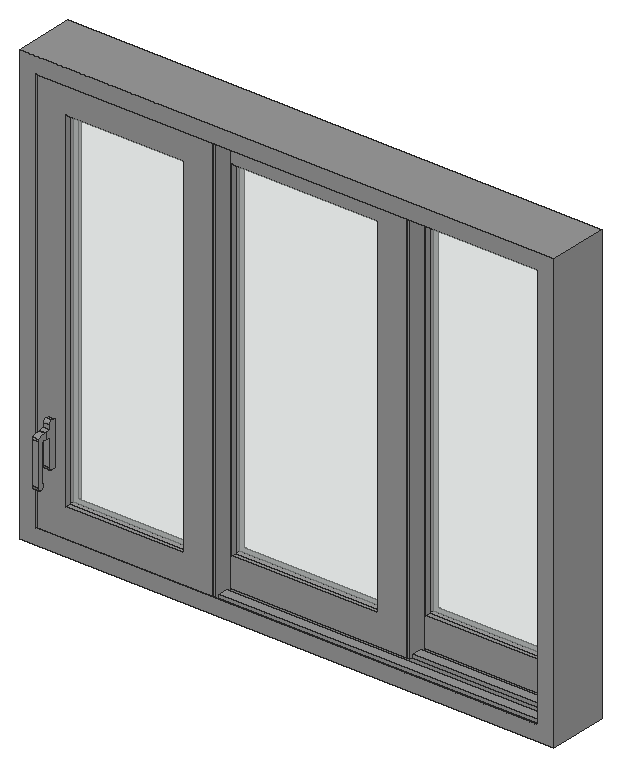
Revit family "2015_Ventana_Alugom_Matra-135RPT_Corredera-3-Hojas_JGJG", category Ventanas, Revit 2015
Parameters (values of type "1800x1480 mm Corredera")
  𝑙𝑔 P2 = 0
  𝑙𝑔 P1 = 0
  𝑈𝑤 = 0
  𝑈𝑔 V2 = 0
  𝑈𝑔 V1 = 0
  𝑈𝑓 P2 = 0
  𝑈𝑓 P1 = 0
  𝐴𝑔 V2 = 0
  𝐴𝑔 V1 = 0
  𝐴𝑓 P2 = 0
  𝐴𝑓 P1 = 0
  a = 0
  Y𝑔 P2 = 0
  Y𝑔 P1 = 0
  VidaUtilEsperada = ""
  VersionElementoBIM = "1.0"  # constant formula
  UnidadMedicion = ""
  UnidadMantenimiento = ""
  Unidad = ""
  Uniclass2.0Titulo = "Accessible openings: Doors and hatches, French windows, sliding wall windows."  # constant formula
  Uniclass2.0Codigo = "30-00-00"  # constant formula
  URLProducto = ""
  UNSPSCTitulo = "Horizontal slider windows"  # constant formula
  UNSPSCCodigo = "30-17-16-07"  # constant formula
  TransmitanciaTermica = 3.7000 W/(m²·K)
  TrabajoMantenimiento = ""
  TipoEmbalajeProteccion = ""
  TiempoMedioEntreFallos = ""
  TelefonoContacto = "+34 91 616 47 27"  # constant formula
  SalidaEmergencia = yes
  ResistenciaFuego = ""
  ResistenciaAlViento = "Clase C5"  # constant formula
  ResiduosPeligrososPorUnidad = 0
  ResiduosPeligrosos = 0
  ResiduosNoPeligrososPorUnidad = 0
  ResiduosNoPeligrosos = 0
  ResiduoRadioactivoPorUnidad = 0
  ResiduoRadioactivo = 0
  ResiduoInertePorUnidad = 0
  ResiduoInerte = 0
  RepisaInterior = yes
  RepisaExterior = yes
  ReferenciaUnidadFuncional = ""
  ReferenciaLote = ""
  ReferenciaContacto = "Alugom"  # constant formula
  Referencia = ""
  PuntoDeContacto = ""
  Practicable = no
  Poliamida = Poliamida, Technoform Bautec, PA66 GF 25
  PermeabilidadAlAire = "Clase 3"  # constant formula
  PeriodoGarantia = ""
  Perimetro = (Anchura / 1.00 mm * 2) + (Altura / 1.00 mm * 2)  # 6560
  Oscilobatiente = no
  Operación = "Corredera"
  OmniclassTitulo = "Horizontal Sliding Windows"  # constant formula
  OmniclassCodigo = "23.30.20.17.14.14"  # constant formula
  NumeroSerie = ""
  NumeroArticuloGlobalComercial = ""
  NumeroArticulo = ""
  NormativaMantenimiento = ""
  NivelSeguridad = ""
  Motorizada = no
  Modelo = "Serie Martra 135RPT"  # constant formula
  MaterialEnvase = ""
  MaterialContenedor = ""
  MateriaPrima = 0
  MasterformatTitulo = "Aluminum Windows"  # constant formula
  MasterformatCodigo = "08 51 13"  # constant formula
  MasaSuperficialKgm2 = 0
  Marco = Aluminio
  Manija = yes
  LugarEnsamblaje = ""
  InstruccionesEspeciales = ""
  InformacionTecnica = ""
  IndiceGlobalRedAcusticaTr = "32 dBA"
  IndiceGlobalRedAcustica = ""
  IdentificadorGarantia = ""
  IFCClasificacion = ""
  GrosorMarco = 202.50 mm  # constant formula
  GrosorAcristalamiento = 22.00 mm  # constant formula
  GarantiaExtendida = ""
  FrecuenciaMantenimiento = ""
  FraccionAreaAcristalamiento = 0.00%
  FormacionFotoquimicaOzonoPorUnidad = 0
  FormacionFotoquimicaOzono = 0
  FechaVencimientoElementoBIM = "01/09/2017"  # constant formula
  FechaInstalacion = ""
  FechaInicioGarantia = ""
  FechaFinGarantia = ""
  FechaEvaluacion = ""
  FechaEmisionElementoBIM = "01/09/2016"  # constant formula
  FechaCompra = ""
  FaseCicloVida = ""
  FaltaDeRecursosPorUnidad = 0
  FaltaDeRecursos = 0
  FactorSombra = 0
  FactorSolarModificado = 30000000
  Fabricante = "Grupo ALUGOM"  # constant formula
  Exclusiones = ""
  EutrofizacionPorUnidad = 0
  Eutrofizacion = 0
  EtiquetaModelo = ""
  EstanqueidadAgua = "Clase 8A"  # constant formula
  Estado = ""
  EnergiaRenovableConsumidaPorUnidad = 0
  EnergiaRenovableConsumida = 0
  EnergiaPrimariaTotalConsumidaPorUnidad = 0
  EnergiaPrimariaTotalConsumida = 0
  EnergiaNoRenovableConsumidaPorUnidad = 0
  EnergiaNoRenovableConsumida = 0
  EmisionCO2 = 0
  EmailContacto = "alugom@alugom.com"  # constant formula
  DuracionVidaUtil = ""
  Detalle Perfileria = yes
  DestruccionCapaOzonoEstratosfericaPorUnidad = 0
  DestruccionCapaOzonoEstratosferica = 0
  DesfaseInterior = 0.00 mm
  DesfaseExterior = 0.00 mm
  Descripción = "Ventana Corredera"
  DescripcionEvaluacion = ""
  CosteMantenimiento = 0
  CosteEnergeticoMj = 0 J
  CosteEnergeticoKwh = 0
  Corredera = yes
  ControlHumos = no
  ContenidoGarantia = ""
  ConfiguracionPoliamidas = "215600 - 955100"  # constant formula
  CondicionesMantenimiento = ""
  CondicionesGeneralesDeContratacion = ""
  CondicionesEvaluacion = ""
  Comentarios de tipo = "Sistema de Ventana de 3 Hojas Rotura de Puente Térmico Serie Martra 135RPT Corredera"
  CodigoBedec = ""
  CodigoBarras = ""
  CertificadoMantenimiento = ""
  CerramientoExterior = yes
  CambioClimaticoPorUnidad = 0
  CambioClimatico = 0
  COBieCategoria = ""
  Aperturas Oscilobatiente [instance] = if(and(Aperturas, Oscilobatiente), 1 = 1, 1 = 0)  # no
  Aperturas [instance] = yes
  Anchura Real = if(Anchura > Anchura Máxima, Anchura Máxima, Anchura)  # 1800.00 mm
  Anchura Máxima = 4000.00 mm
  AnchoMarcoCentral = 108.00 mm  # constant formula
  AnchoMarco = 147.00 mm  # constant formula
  Altura Real = if(Altura > Altura Máxima, Altura Máxima, Altura)  # 1480.00 mm
  Altura Máxima = 2500.00 mm
  Altura = 1480.00 mm
  Bimetica = "http://www.bimetica.com"
  AñoProduccion = ""
  Autor = "Bimetica Parametric Design Services, S.L."  # constant formula
  Area = (Altura Real * Anchura Real)  # 2664000.00 mm²
  Altura de antepecho por defecto = 800.00 mm
  Cierre de muro = Por anfitrión
  Anchura = 1800.00 mm
  AguaConsumidaPorUnidad = 0
  AguaConsumida = 0
  Acristalamiento = Cristal - Vidrio claro templado
  AcidificacionAtmosfericaPorUnidad = 0
  AcidificacionAtmosferica = 0
  Acabado = ""
Reference planes
  plane 1 "Centro (Frontal/Posterior)": y = 77.5
  plane 2 "Centro (Izquierda/Derecha)": x = 0
  plane 3 "Izquierda": x = -900
  plane 4 "Derecha": x = 900
  plane 5 "Antepecho": z = 800
  plane 6 "Extremo inicial": z = 2280
  plane 7 "Interior": y = -125
  plane 8 "ASDAS": y = -125
  plane 9: x = -300
  plane 10: x = 300
Forms (mm)
  Sweep 1, solid, material "Aluminio" <- "Marco"
    path origin (0, -125, 0) x (1, 0, 0) y (0, 0, 1)
      loop
        line (900, 800) -> (900, 2280) -> (-900, 2280) -> (-900, 800) -> (900, 800)
    profile origin (900, -125, 1540) x (-1, 0, 0) y (0, -1, 0)
      loop
        line (25.9, -180.752) -> (45.2, -180.752) -> (45.2, -185.25) -> (56.001, -185.25) -> (56.001, -152.25) -> (45.2, -152.25) -> (45.2, -156.749) -> (25.9, -156.749) -> (25.9, -113.253) -> (45.2, -113.253) -> (45.2, -117.751) -> (56.001, -117.751) -> (56.001, -84.751) -> (45.2, -84.751) -> (45.2, -89.25) -> (25.9, -89.25) -> (25.9, -45.753) -> (45.2, -45.753) -> (45.2, -50.252) -> (56.001, -50.252) -> (56.001, -17.252) -> (45.2, -17.252) -> (45.2, -21.75) -> (25.9, -21.75) -> (25.9, -3.35) -> (53.001, -3.35) -> (53.001, 0) -> (0, 0) -> (0, -202.475) -> (23.234, -202.475)
        arc (23.234, -202.475) -> (25.284, -191.701) -> (25.9, -180.752) r 83.285
  Sweep 2, solid, material "Aluminio" <- "Marco"
    path origin (0, -125, 0) x (1, 0, 0) y (0, 0, 1)
      loop
        line (-900, 800) -> (-207, 800) -> (-207, 2280) -> (-900, 2280) -> (-900, 800)
    profile origin (-900, -125, 1540) x (-1, 0, 0) y (0, -1, 0)
      loop
        line (-133.052, -31.502) -> (-133.052, -53.502) -> (-151.834, -53.502) -> (-147.002, -58.565) -> (-147.002, -60.252) -> (-47.001, -60.252) -> (-47.001, -54.589) -> (-51.337, -50.252) -> (-56.001, -50.252) -> (-56.001, -17.252) -> (-51.337, -17.252) -> (-47.001, -12.915) -> (-47.001, -7.251) -> (-147.002, -7.251) -> (-147.002, -23.77) -> (-151.834, -31.502) -> (-133.052, -31.502)
  Sweep 3, solid, material "Aluminio" <- "Marco"
    path origin (0, -125, 0) x (1, 0, 0) y (0, 0, 1)
      loop
        line (393, 800) -> (393, 2280) -> (-393, 2280) -> (-393, 800) -> (393, 800)
    profile origin (393, -125, 1540) x (-1, 0, 0) y (0, -1, 0)
      loop
        line (133.052, -120.999) -> (133.052, -98.999) -> (151.834, -98.999) -> (147.002, -91.267) -> (147.002, -74.748) -> (47.001, -74.748) -> (47.001, -80.411) -> (51.337, -84.748) -> (56.001, -84.748) -> (56.001, -117.748) -> (51.337, -117.748) -> (47.001, -122.085) -> (47.001, -127.749) -> (147.002, -127.749) -> (147.002, -126.062) -> (151.834, -120.999) -> (133.052, -120.999)
  Extrusion 4, solid, material "Aluminio" <- "Marco"
    sketch origin (0, 0, 800) x (0, -1, 0) y (1, 0, 0)
      loop
        line (-2.749, -345.999) -> (-2.749, -354.001) -> (58.752, -354.001) -> (58.752, -313.153) -> (64.748, -313.153) -> (64.748, -254.001) -> (117.749, -254.001) -> (117.749, -245.999) -> (56.248, -245.999) -> (56.248, -286.847) -> (50.252, -286.847) -> (50.252, -345.999) -> (-2.749, -345.999)
      loop
        line (-70.246, 254.001) -> (-70.246, 245.999) -> (-8.745, 245.999) -> (-8.745, 286.847) -> (-2.749, 286.847) -> (-2.749, 345.999) -> (50.252, 345.999) -> (50.252, 354.001) -> (-11.249, 354.001) -> (-11.249, 313.153) -> (-17.245, 313.153) -> (-17.245, 254.001) -> (-70.246, 254.001)
    from 47.001 to 1432.999
  Extrusion 5, solid, material "Cristal - Vidrio claro templado" <- "Acristalamiento"
    sketch origin (0, 0, 800) x (0, -1, 0) y (1, 0, 0)
      loop
        line (71.498, -766.948) -> (93.498, -766.948) -> (93.498, -340.051) -> (71.498, -340.051) -> (71.498, -766.948)
      loop
        line (26.001, -259.949) -> (26.001, 259.948) -> (4.001, 259.948) -> (4.001, -259.949) -> (26.001, -259.949)
      loop
        line (-41.496, 340.051) -> (-41.496, 766.948) -> (-63.496, 766.948) -> (-63.496, 340.051) -> (-41.496, 340.051)
    from 133.05 to 1346.95
  Extrusion 6, solid, material "Aluminio" <- "Marco", visible <- "Manija", detail levels fine
    sketch origin (-900, 0, 100) x (0, -1, 0) y (0, 0, 1)
      loop
        line (117.749, 950) -> (127.749, 950)
        arc (127.749, 950) -> (134.82, 952.929) -> (137.749, 960) r 10
        line (137.749, 960) -> (137.749, 1050.581) -> (155.875, 1053.452) -> (155.875, 1073.452) -> (137.749, 1076.323) -> (137.749, 1090)
        arc (137.749, 1090) -> (134.82, 1097.071) -> (127.749, 1100) r 10
        line (127.749, 1100) -> (117.749, 1100) -> (117.749, 950)
    from -110 to -90
  Extrusion 7, solid, material "Aluminio" <- "Marco", visible <- "Manija", detail levels fine
    sketch origin (-900, 0, 100) x (0, -1, 0) y (0, 0, 1)
      loop
        line (155.875, 1053.452) -> (165.875, 1053.452)
        arc (165.875, 1053.452) -> (169.411, 1051.988) -> (170.875, 1048.452) r 5
        line (170.875, 1048.452) -> (170.875, 927.519)
        arc (170.875, 927.519) -> (170.254, 909.55) -> (185.875, 918.452) r 10.295
        line (185.875, 918.452) -> (185.875, 1059.132)
        arc (185.875, 1059.132) -> (184.812, 1062.737) -> (182.221, 1065.461) r 8.011
        arc (182.221, 1065.461) -> (169.411, 1070.651) -> (155.875, 1073.452) r 76.54
        line (155.875, 1073.452) -> (155.875, 1053.452)
    from -90 to -110
  Extrusion 8, solid, material "Aluminio" <- "Marco", visible <- "Manija", detail levels fine
    sketch origin (900, 67.497, 0) x (0, -1, 0) y (0, 0, 1)
      loop
        line (50.252, 1050) -> (60.252, 1050)
        arc (60.252, 1050) -> (67.323, 1052.929) -> (70.252, 1060) r 10
        line (70.252, 1060) -> (70.252, 1150.581) -> (88.378, 1153.452) -> (88.378, 1173.452) -> (70.252, 1176.323) -> (70.252, 1190)
        arc (70.252, 1190) -> (67.323, 1197.071) -> (60.252, 1200) r 10
        line (60.252, 1200) -> (50.252, 1200) -> (50.252, 1050)
    from 110 to 90
  Extrusion 9, solid, material "Aluminio" <- "Marco", visible <- "Manija", detail levels fine
    sketch origin (900, 67.497, 0) x (0, -1, 0) y (0, 0, 1)
      loop
        line (88.378, 1153.452) -> (98.378, 1153.452)
        arc (98.378, 1153.452) -> (101.914, 1151.988) -> (103.378, 1148.452) r 5
        line (103.378, 1148.452) -> (103.378, 1027.519)
        arc (103.378, 1027.519) -> (102.757, 1009.55) -> (118.378, 1018.452) r 10.295
        line (118.378, 1018.452) -> (118.378, 1159.132)
        arc (118.378, 1159.132) -> (117.315, 1162.737) -> (114.724, 1165.461) r 8.011
        arc (114.724, 1165.461) -> (101.914, 1170.651) -> (88.378, 1173.452) r 76.54
        line (88.378, 1173.452) -> (88.378, 1153.452)
    from 90 to 110
  Sweep 10, solid, material "Aluminio" <- "Marco"
    path origin (0, -125, 0) x (1, 0, 0) y (0, 0, 1)
      loop
        line (900, 800) -> (900, 2280) -> (207, 2280) -> (207, 800) -> (900, 800)
    profile origin (900, -125, 1540) x (-1, 0, 0) y (0, -1, 0)
      loop
        line (133.052, -188.499) -> (133.052, -166.499) -> (151.834, -166.499) -> (147.002, -158.767) -> (147.002, -142.248) -> (47.001, -142.248) -> (47.001, -147.911) -> (51.337, -152.248) -> (56.001, -152.248) -> (56.001, -185.248) -> (51.337, -185.248) -> (47.001, -189.585) -> (47.001, -195.249) -> (147.002, -195.249) -> (147.002, -193.562) -> (151.834, -188.499) -> (133.052, -188.499)
Lines and regions (mm)
  Opening 1
    outline origin (3500, -125, 0) x (1, 0, 0) y (0, 0, 1)
      loop
        line (-2600, 800) -> (-2600, 2280) -> (-4400, 2280) -> (-4400, 800) -> (-2600, 800)
  symbolic lines, style "WindowsGlassProjection", detail levels medium+fine
    curve 1: line (-766.948, -93.498, 800) -> (-340.051, -93.498, 800)
    curve 2: line (-766.948, -71.498, 800) -> (-766.948, -93.498, 800)
    curve 3: line (-340.051, -71.498, 800) -> (-766.948, -71.498, 800)
    curve 4: line (-340.051, -93.498, 800) -> (-340.051, -71.498, 800)
    curve 5: line (-259.949, -26.001, 800) -> (259.948, -26.001, 800)
    curve 6: line (-259.949, -4.001, 800) -> (-259.949, -26.001, 800)
    curve 7: line (259.948, -4.001, 800) -> (-259.949, -4.001, 800)
    curve 8: line (259.948, -26.001, 800) -> (259.948, -4.001, 800)
    curve 13: line (-900, -71.498, 2146.95) -> (-900, -93.498, 2146.95)
    curve 14: line (-900, -71.498, 933.05) -> (-900, -71.498, 2146.95)
    curve 15: line (-900, -93.498, 933.05) -> (-900, -71.498, 933.05)
    curve 16: line (-900, -93.498, 2146.95) -> (-900, -93.498, 933.05)
    curve 17: line (-900, -89.098, 2146.95) -> (-900, -89.098, 933.05)
    curve 18: line (-900, -75.898, 933.05) -> (-900, -75.898, 2146.95)
    curve 27: line (340.051, 41.496, 800) -> (766.948, 41.496, 800)
    curve 28: line (340.051, 63.496, 800) -> (340.051, 41.496, 800)
    curve 29: line (766.948, 63.496, 800) -> (340.051, 63.496, 800)
    curve 30: line (766.948, 41.496, 800) -> (766.948, 63.496, 800)
  symbolic lines, style "WindowsGlassProjection", detail levels fine
    curve 9: line (-766.948, -89.098, 800) -> (-340.051, -89.098, 800)
    curve 10: line (-340.051, -75.898, 800) -> (-766.948, -75.898, 800)
    curve 11: line (-259.949, -21.601, 800) -> (259.948, -21.601, 800)
    curve 12: line (259.948, -8.401, 800) -> (-259.949, -8.401, 800)
    curve 31: line (340.051, 45.896, 800) -> (766.948, 45.896, 800)
    curve 32: line (766.948, 59.096, 800) -> (340.051, 59.096, 800)
  symbolic lines, style "Batiente de alzado", visible <- "Aperturas"
    curve 19: line (600, -125, 1293.333) -> (600, -125, 1786.667)
    curve 20: line (600, -125, 1786.667) -> (475.108, -125, 1786.667)
    curve 21: line (475.108, -125, 1786.667) -> (517.535, -125, 1829.093)
    curve 22: line (475.108, -125, 1786.667) -> (517.535, -125, 1744.24)
    curve 23: line (-600, -125, 1293.333) -> (-600, -125, 1786.667)
    curve 24: line (-600, -125, 1786.667) -> (-475.108, -125, 1786.667)
    curve 25: line (-475.108, -125, 1786.667) -> (-517.535, -125, 1829.093)
    curve 26: line (-475.108, -125, 1786.667) -> (-517.535, -125, 1744.24)
    curve 33: line (0, -125, 1293.333) -> (0, -125, 1786.667)
    curve 34: line (0, -125, 1786.667) -> (-124.892, -125, 1786.667)
    curve 35: line (-124.892, -125, 1786.667) -> (-82.465, -125, 1829.093)
    curve 36: line (-124.892, -125, 1786.667) -> (-82.465, -125, 1744.24)
    curve 37: line (0, -125, 1786.667) -> (124.892, -125, 1786.667)
    curve 38: line (124.892, -125, 1786.667) -> (82.465, -125, 1829.093)
    curve 39: line (124.892, -125, 1786.667) -> (82.465, -125, 1744.24)
Text (mm)
  text "EXTERIOR" at (-1963.203, 1332.353, 0), in view "Nivel de referencia"
  text "INTERIOR" at (-1981.466, -818.386, 0), in view "Nivel de referencia"
  text "Exterior" at (0, 923.751, 2943.296), in view "Derecha"
  text "Exterior" at (0, 1040.484, 2685.409), in view "Izquierda"
Dimensions and locks
  equal spacing: plane 3 "Izquierda", plane 2 "Centro (Izquierda/Derecha)", plane 4 "Derecha"
  "Anchura Real": plane 3 "Izquierda" to plane 4 "Derecha"
  "Altura Real": plane 5 "Antepecho" to plane 6 "Extremo inicial"
  "Altura de antepecho por defecto": plane 5 "Antepecho" to level
  "DesfaseInterior": plane 8 "ASDAS" to plane 7 "Interior"
  "DesfaseExterior": host wall to plane 7 "Interior"
  "GrosorMarco": plane 8 "ASDAS" to plane 1 "Centro (Frontal/Posterior)"
  Extrusion 4 sketch curve to Extrusion 4 sketch curve to Extrusion 4 sketch curve to plane 9 = 8.002 mm locked, 32.847 mm locked, 13.153 mm locked
  plane 9 to Extrusion 4 sketch curve to Extrusion 4 sketch curve to Extrusion 4 sketch curve = 13.153 mm locked, 32.847 mm locked, 8.002 mm locked
  plane 8 "ASDAS" to Extrusion 4 sketch curve to Extrusion 4 sketch curve to Extrusion 4 sketch curve to Extrusion 4 sketch curve to Extrusion 4 sketch curve to Extrusion 4 sketch curve = 7.251 mm locked, 53.001 mm locked, 5.996 mm locked, 2.503 mm locked, 5.996 mm locked, 53.001 mm locked
  locked: plane 3 "Izquierda" to Extrusion 5 sketch curve at 133.052
  locked: plane 8 "ASDAS" to Extrusion 5 sketch curve at 31.502
  locked: plane 8 "ASDAS" to Extrusion 5 sketch curve at 98.999
  locked: Extrusion 5 to plane 5 "Antepecho" at 133.05
  locked: plane 6 "Extremo inicial" to Extrusion 5 at 133.05
  plane 5 "Antepecho" to Extrusion 6 sketch curve to Extrusion 6 sketch curve to Extrusion 6 sketch curve to Extrusion 6 sketch curve to Extrusion 6 sketch curve to Extrusion 6 sketch curve to Extrusion 6 sketch curve to Extrusion 6 sketch curve = 250.00 mm locked, 10.00 mm locked, 90.581 mm locked, 2.871 mm locked, 20.00 mm locked, 2.871 mm locked, 13.677 mm locked, 10.00 mm locked
  Extrusion 6 sketch curve to plane 8 "ASDAS" to Extrusion 6 sketch curve to Extrusion 6 sketch curve to Extrusion 6 sketch curve = 7.251 mm locked, 12.749 mm locked, 0.00 mm locked, 18.126 mm locked
  plane 5 "Antepecho" to Extrusion 7 sketch curve to Extrusion 7 sketch curve to Extrusion 7 sketch curve to Extrusion 7 sketch curve to Extrusion 7 sketch curve to Extrusion 7 sketch curve to Extrusion 7 sketch curve = 218.361 mm locked, 9.158 mm locked, 69.888 mm locked, 51.046 mm locked, 5.00 mm locked, 5.28 mm locked, 14.72 mm locked
  plane 8 "ASDAS" to Extrusion 7 sketch curve to Extrusion 7 sketch curve to Extrusion 7 sketch curve to Extrusion 7 sketch curve to Extrusion 7 sketch curve to Extrusion 7 sketch curve to Extrusion 7 sketch curve = 22.193 mm locked, 8.682 mm locked, 10.00 mm locked, 5.00 mm locked, 4.705 mm locked, 2.294 mm locked, 8.001 mm locked
  plane 3 "Izquierda" to Extrusion 6 to Extrusion 6 = 90.00 mm locked, 20.00 mm locked
  plane 3 "Izquierda" to Extrusion 7 to Extrusion 7 = 90.00 mm locked, 20.00 mm locked
  plane 5 "Antepecho" to Extrusion 8 sketch curve to Extrusion 8 sketch curve to Extrusion 8 sketch curve to Extrusion 8 sketch curve to Extrusion 8 sketch curve to Extrusion 8 sketch curve to Extrusion 8 sketch curve to Extrusion 8 sketch curve = 250.00 mm locked, 10.00 mm locked, 90.581 mm locked, 2.871 mm locked, 20.00 mm locked, 2.871 mm locked, 13.677 mm locked, 10.00 mm locked
  Extrusion 8 sketch curve to Extrusion 8 sketch curve to Extrusion 8 sketch curve to Extrusion 8 sketch curve to plane 8 "ASDAS" = 20.00 mm, 0.00 mm locked, 18.126 mm locked, 104.119 mm locked
  plane 5 "Antepecho" to Extrusion 9 sketch curve to Extrusion 9 sketch curve to Extrusion 9 sketch curve to Extrusion 9 sketch curve to Extrusion 9 sketch curve to Extrusion 9 sketch curve to Extrusion 9 sketch curve = 218.361 mm locked, 9.158 mm locked, 69.888 mm locked, 51.046 mm locked, 5.00 mm locked, 5.28 mm locked, 14.72 mm locked
  Extrusion 9 sketch curve to Extrusion 9 sketch curve to Extrusion 9 sketch curve to Extrusion 9 sketch curve to Extrusion 9 sketch curve to Extrusion 9 sketch curve to Extrusion 9 sketch curve to plane 8 "ASDAS" = 8.682 mm locked, 10.00 mm locked, 5.00 mm locked, 4.705 mm locked, 2.294 mm locked, 8.001 mm locked, 74.119 mm locked
  Extrusion 8 to Extrusion 8 to plane 4 "Derecha" = 20.00 mm locked, 90.00 mm locked
  Extrusion 9 to Extrusion 9 to plane 4 "Derecha" = 20.00 mm locked, 90.00 mm locked
  locked: plane 3 "Izquierda" to curve 2 at 133.052
  plane 8 "ASDAS" to curve 1 to curve 9 to curve 10 to curve 3 = 31.502 mm locked, 4.40 mm locked, 13.20 mm locked, 4.40 mm locked
  plane 8 "ASDAS" to curve 5 to curve 11 to curve 12 to curve 7 = 98.999 mm locked, 4.40 mm locked, 13.20 mm locked, 4.40 mm locked
  locked: plane 5 "Antepecho" to curve 15 at 133.05
  locked: curve 13 to plane 6 "Extremo inicial" at 133.05
  curve 14 to curve 18 to curve 17 to curve 16 to plane 8 "ASDAS" = 4.40 mm locked, 13.20 mm locked, 4.40 mm locked, 31.502 mm locked
  profile plane to Sweep 3 sketch curve to Sweep 3 sketch curve to Sweep 3 sketch curve to Sweep 3 sketch curve to Sweep 3 sketch curve to Sweep 3 sketch curve to Sweep 3 sketch curve to Sweep 3 sketch curve to Sweep 3 sketch curve to Sweep 3 sketch curve = 74.748 mm locked, 5.664 mm locked, 4.337 mm locked, 6.519 mm locked, 7.732 mm locked, 18.75 mm locked, 3.25 mm locked, 1.086 mm locked, 3.976 mm locked, 1.687 mm locked
  Sweep 3 sketch curve to Sweep 3 sketch curve to Sweep 3 sketch curve to Sweep 3 sketch curve to Sweep 3 sketch curve to Sweep 3 sketch curve to Sweep 3 sketch curve to Sweep 3 sketch curve to Sweep 3 sketch curve to Sweep 3 sketch curve to profile plane = 0.00 mm locked, 4.831 mm locked, 0.00 mm locked, 13.95 mm locked, 77.052 mm locked, 4.663 mm locked, 0.00 mm locked, 4.337 mm locked, 0.00 mm locked, 47.001 mm locked
  profile plane to Sweep 2 sketch curve to Sweep 2 sketch curve to Sweep 2 sketch curve to Sweep 2 sketch curve to Sweep 2 sketch curve to Sweep 2 sketch curve to Sweep 2 sketch curve to Sweep 2 sketch curve to Sweep 2 sketch curve to Sweep 2 sketch curve = 7.251 mm locked, 5.664 mm locked, 4.337 mm locked, 6.519 mm locked, 7.732 mm locked, 18.75 mm locked, 3.25 mm locked, 1.086 mm locked, 3.976 mm locked, 1.687 mm locked
  profile plane to Sweep 2 sketch curve to Sweep 2 sketch curve to Sweep 2 sketch curve to Sweep 2 sketch curve to Sweep 2 sketch curve to Sweep 2 sketch curve to Sweep 2 sketch curve to Sweep 2 sketch curve to Sweep 2 sketch curve to Sweep 2 sketch curve = 47.001 mm locked, 0.00 mm locked, 4.337 mm locked, 0.00 mm locked, 4.663 mm locked, 77.052 mm locked, 13.95 mm locked, 0.00 mm locked, 4.831 mm locked, 0.00 mm locked
  equal spacing: plane 6 "Extremo inicial", curve 20, curve 19, plane 5 "Antepecho"
  curve 19 to curve 22 to curve 21 to curve 22 = 82.465 mm locked, 0.00 mm locked, 42.426 mm locked
  curve 21 to curve 20 to curve 22 = 42.426 mm locked, 42.426 mm locked
  equal spacing: plane 6 "Extremo inicial", curve 24, curve 23, plane 5 "Antepecho"
  curve 23 to curve 26 to curve 25 to curve 26 = 82.465 mm locked, 0.00 mm locked, 42.426 mm locked
  curve 25 to curve 24 to curve 26 = 42.426 mm locked, 42.426 mm locked
  profile plane to Sweep 1 sketch curve to Sweep 1 sketch curve to Sweep 1 sketch curve to Sweep 1 sketch curve to Sweep 1 sketch curve to Sweep 1 sketch curve to Sweep 1 sketch curve to Sweep 1 sketch curve to Sweep 1 sketch curve to Sweep 1 sketch curve to Sweep 1 sketch curve to Sweep 1 sketch curve to Sweep 1 sketch curve to Sweep 1 sketch curve to Sweep 1 sketch curve = 3.35 mm locked, 13.901 mm locked, 4.499 mm locked, 24.003 mm locked, 4.499 mm locked, 34.499 mm locked, 4.499 mm locked, 24.003 mm locked, 4.499 mm locked, 34.499 mm locked, 4.499 mm locked, 24.003 mm locked, 0.804 mm locked, 3.695 mm locked, 17.225 mm locked
  Sweep 1 sketch curve to Sweep 1 sketch curve to Sweep 1 sketch curve to Sweep 1 sketch curve to Sweep 1 sketch curve to Sweep 1 sketch curve to Sweep 1 sketch curve to Sweep 1 sketch curve to Sweep 1 sketch curve to Sweep 1 sketch curve to Sweep 1 sketch curve to Sweep 1 sketch curve to Sweep 1 sketch curve to Sweep 1 sketch curve to profile plane = 0.00 mm locked, 0.00 mm locked, 3.00 mm locked, 7.80 mm locked, 0.00 mm locked, 0.00 mm locked, 0.00 mm locked, 0.00 mm locked, 0.00 mm locked, 19.30 mm locked, 0.00 mm locked, 0.00 mm locked, 2.666 mm locked, 23.234 mm locked
  equal spacing: plane 3 "Izquierda", plane 9, plane 10, plane 4 "Derecha"
  locked: Sweep 2 sketch curve to plane 9 at 93
  locked: plane 9 to Sweep 3 sketch curve at 93
  locked: plane 10 to Sweep 3 sketch curve at 93
  Extrusion 4 sketch curve to Extrusion 4 sketch curve to Extrusion 4 sketch curve to plane 10 = 8.002 mm locked, 32.847 mm locked, 13.153 mm locked
  plane 10 to Extrusion 4 sketch curve to Extrusion 4 sketch curve to Extrusion 4 sketch curve = 13.153 mm locked, 32.847 mm locked, 8.002 mm locked
  plane 8 "ASDAS" to Extrusion 4 sketch curve to Extrusion 4 sketch curve to Extrusion 4 sketch curve to Extrusion 4 sketch curve to Extrusion 4 sketch curve to Extrusion 4 sketch curve = 74.748 mm locked, 53.001 mm locked, 5.996 mm locked, 2.503 mm locked, 5.996 mm locked, 53.001 mm locked
  locked: plane 8 "ASDAS" to nested 9 at 67.497
  Extrusion 5 sketch curve to plane 9 to Extrusion 5 sketch curve = 40.051 mm locked, 40.051 mm locked
  Extrusion 5 sketch curve to plane 10 to Extrusion 5 sketch curve = 40.052 mm locked, 40.051 mm locked
  locked: Extrusion 5 sketch curve to plane 4 "Derecha" at 133.052
  locked: Sweep 10 sketch curve to plane 10 at 93
  profile plane to Sweep 10 sketch curve to Sweep 10 sketch curve to Sweep 10 sketch curve to Sweep 10 sketch curve to Sweep 10 sketch curve to Sweep 10 sketch curve to Sweep 10 sketch curve to Sweep 10 sketch curve to Sweep 10 sketch curve = 142.248 mm locked, 5.664 mm locked, 4.337 mm locked, 6.519 mm locked, 7.732 mm locked, 18.75 mm locked, 4.337 mm locked, 3.976 mm locked, 1.687 mm locked
  Sweep 10 sketch curve to Sweep 10 sketch curve to Sweep 10 sketch curve to Sweep 10 sketch curve to Sweep 10 sketch curve to Sweep 10 sketch curve to Sweep 10 sketch curve to Sweep 10 sketch curve to Sweep 10 sketch curve to Sweep 10 sketch curve to profile plane = 0.00 mm locked, 4.831 mm locked, 0.00 mm locked, 13.95 mm locked, 77.052 mm locked, 4.663 mm locked, 0.00 mm locked, 4.337 mm locked, 0.00 mm locked, 47.001 mm locked
  plane 8 "ASDAS" to curve 27 to curve 31 to curve 32 to curve 29 = 166.496 mm locked, 4.40 mm locked, 13.20 mm locked, 4.40 mm locked
  locked: curve 30 to plane 4 "Derecha" at 133.052
  curve 8 to plane 10 to curve 28 = 40.052 mm locked, 40.051 mm locked
  curve 4 to plane 9 to curve 6 = 40.051 mm locked, 40.051 mm locked
  "GrosorAcristalamiento": Extrusion 5 to Extrusion 5  (x3)
  equal spacing: plane 3 "Izquierda", curve 23, plane 9
  equal spacing: plane 10, curve 19, plane 4 "Derecha"
  curve 34 to curve 19 = 493.333 mm
  curve 33 to curve 36 to curve 35 to curve 36 = 82.465 mm locked, 0.00 mm locked, 42.426 mm locked
  curve 35 to curve 34 to curve 36 = 42.426 mm locked, 42.426 mm locked
  curve 33 to curve 39 to curve 38 to curve 39 = 82.465 mm locked, 0.00 mm locked, 42.426 mm locked
  curve 38 to curve 37 to curve 39 = 42.426 mm locked, 42.426 mm locked
  equal spacing: plane 10, curve 33, plane 9
  locked: plane 8 "ASDAS" to Extrusion 5 sketch curve at 166.496
  aligned and locked: nested 1 to plane 4 "Derecha"
  aligned and locked: nested 1 to plane 8 "ASDAS"
  aligned and locked: Sweep 1 sketch curve to plane 4 "Derecha"
  aligned and locked: plane 5 "Antepecho" to Sweep 1 sketch curve
  aligned and locked: plane 3 "Izquierda" to Sweep 1 sketch curve
  aligned and locked: Sweep 1 sketch curve to plane 6 "Extremo inicial"
  aligned and locked: nested 2 to plane 3 "Izquierda"
  aligned and locked: plane 8 "ASDAS" to nested 2
  aligned and locked: plane 8 "ASDAS" to nested 3
  aligned and locked: nested 3 to plane 3 "Izquierda"
  aligned and locked: nested 4 to nested 1
  aligned and locked: Sweep 2 sketch curve to plane 3 "Izquierda"
  aligned and locked: Sweep 2 sketch curve to plane 5 "Antepecho"
  aligned and locked: plane 6 "Extremo inicial" to Sweep 2 sketch curve
  aligned and locked: plane 5 "Antepecho" to Sweep 3 sketch curve
  aligned and locked: Sweep 3 sketch curve to plane 6 "Extremo inicial"
  aligned and locked: Sweep 2 sketch curve to nested 3  (x4)
  aligned and locked: Sweep 2 to Extrusion 4
  aligned and locked: Extrusion 4 to Sweep 2
  aligned and locked: plane 8 "ASDAS" to nested 5  (x2)
  aligned and locked: nested 5 to plane 5 "Antepecho"
  aligned and locked: nested 6 to plane 5 "Antepecho"
  aligned and locked: plane 8 "ASDAS" to nested 6
  aligned and locked: nested 7 to plane 6 "Extremo inicial"
  aligned and locked: nested 8 to plane 6 "Extremo inicial"
  aligned and locked: nested 8 to plane 8 "ASDAS"
  aligned and locked: plane 8 "ASDAS" to nested 8
  aligned and locked: nested 7 to plane 8 "ASDAS"
  aligned and locked: plane 9 to nested 4
  aligned and locked: plane 1 "Centro (Frontal/Posterior)" to nested 10
  aligned and locked: nested 10 to plane 4 "Derecha"
  aligned and locked: nested 9 to plane 10
  aligned and locked: plane 5 "Antepecho" to Sweep 10 sketch curve
  aligned and locked: Sweep 10 sketch curve to plane 6 "Extremo inicial"
  aligned and locked: Sweep 10 sketch curve to plane 4 "Derecha"
Automatic sketch dimensions
  Extrusion 5 sketch curve to Extrusion 5 sketch curve = 22.00 mm  (x2)
  Extrusion 5 sketch curve to plane 7 "Interior" = 188.496 mm
  Sweep 10 sketch curve to Sweep 10 sketch curve = 5.063 mm
  plane 3 "Izquierda" to Opening 1 sketch curve = 0.00 mm
  plane 4 "Derecha" to Opening 1 sketch curve = 0.00 mm
  Opening 1 sketch curve to plane 5 "Antepecho" = 0.00 mm
  Opening 1 sketch curve to plane 6 "Extremo inicial" = 0.00 mm
  plane 8 "ASDAS" to Sweep 1 sketch curve = 0.00 mm
  Sweep 1 sketch curve to profile plane = 0.00 mm
  profile plane to Sweep 1 sketch curve = 57.381 mm
  Extrusion 7 sketch curve to Extrusion 7 sketch curve = 0.40 mm
  curve 39 to curve 20 = 0.00 mm
  curve 33 to curve 36 = 450.907 mm
  Extrusion 9 sketch curve to Extrusion 9 sketch curve = 0.40 mm
Nested families
  nested 1: "Alugom_Martra-135RPT_Detalle-Carpintería" at (900, -125, 0) x (-1, 0, 0) z (0, 0, 1), visible <- "Detalle Perfileria", type "Marco 3 Hojas", detail levels medium+fine
    with Juntas Marco Vertical Real yes, Juntas Marco Vertical 3H yes, Juntas Marco Vertical yes, Juntas Marco Horizontal Real no, Juntas Marco Horizontal 3H no, Juntas Marco Horizontal no, Accesorio Vertical Real no, Accesorio Vertical no, Accesorio Horizontal Real no, Accesorio Horizontal no
  nested 2: "Alugom_Martra-135RPT_Detalle-Carpintería" at (-900, -125, 0), visible <- "Detalle Perfileria", type "Marco 3 Hojas", detail levels medium+fine
    with Juntas Marco Vertical Real yes, Juntas Marco Vertical 3H yes, Juntas Marco Vertical yes, Juntas Marco Horizontal Real no, Juntas Marco Horizontal 3H no, Juntas Marco Horizontal no, Accesorio Vertical Real no, Accesorio Vertical no, Accesorio Horizontal Real no, Accesorio Horizontal no
  nested 3: "Alugom_Martra-135RPT_Detalle-Carpintería" at (-900, -125, 0), visible <- "Detalle Perfileria", type "Hoja Lateral", detail levels medium+fine
    with Juntas Marco Vertical Real no, Juntas Marco Vertical 3H no, Juntas Marco Vertical no, Juntas Marco Horizontal Real no, Juntas Marco Horizontal 3H no, Juntas Marco Horizontal no, Accesorio Vertical Real yes, Accesorio Vertical yes, Accesorio Horizontal Real no, Accesorio Horizontal no
  nested 4: "Alugom_Martra-135RPT_Detalle-Carpintería" at (-300, -125, 0), visible <- "Detalle Perfileria", type "Hojas Centrales Correderas", detail levels medium+fine
    with Juntas Marco Vertical Real no, Juntas Marco Vertical 3H no, Juntas Marco Vertical no, Juntas Marco Horizontal Real no, Juntas Marco Horizontal 3H no, Juntas Marco Horizontal no, Accesorio Vertical Real no, Accesorio Vertical no, Accesorio Horizontal Real no, Accesorio Horizontal no
  nested 5: "Alugom_Martra-135RPT_Detalle-Carpintería" at (-900, -125, 800) x (0, 0, 1) z (-1, 0, 0), visible <- "Detalle Perfileria", type "Marco 3 Hojas", detail levels medium+fine
    with Juntas Marco Vertical Real no, Juntas Marco Vertical 3H no, Juntas Marco Vertical no, Juntas Marco Horizontal Real yes, Juntas Marco Horizontal 3H yes, Juntas Marco Horizontal yes, Accesorio Vertical Real no, Accesorio Vertical no, Accesorio Horizontal Real no, Accesorio Horizontal no
  nested 6: "Alugom_Martra-135RPT_Detalle-Carpintería" at (-900, -125, 800) x (0, 0, 1) z (-1, 0, 0), visible <- "Detalle Perfileria", type "Hoja Lateral", detail levels medium+fine
    with Juntas Marco Vertical Real no, Juntas Marco Vertical 3H no, Juntas Marco Vertical no, Juntas Marco Horizontal Real no, Juntas Marco Horizontal 3H no, Juntas Marco Horizontal no, Accesorio Vertical Real no, Accesorio Vertical no, Accesorio Horizontal Real yes, Accesorio Horizontal yes
  nested 7: "Alugom_Martra-135RPT_Detalle-Carpintería" at (-900, -125, 2280) x (0, 0, -1) z (-1, 0, 0), visible <- "Detalle Perfileria", type "Hoja Lateral", detail levels medium+fine
    with Juntas Marco Vertical Real no, Juntas Marco Vertical 3H no, Juntas Marco Vertical no, Juntas Marco Horizontal Real no, Juntas Marco Horizontal 3H no, Juntas Marco Horizontal no, Accesorio Vertical Real no, Accesorio Vertical no, Accesorio Horizontal Real no, Accesorio Horizontal no
  nested 8: "Alugom_Martra-135RPT_Detalle-Carpintería" at (-900, -125, 2280) x (0, 0, -1) z (-1, 0, 0), visible <- "Detalle Perfileria", type "Marco 3 Hojas", detail levels medium+fine
    with Juntas Marco Vertical Real yes, Juntas Marco Vertical 3H yes, Juntas Marco Vertical yes, Juntas Marco Horizontal Real no, Juntas Marco Horizontal 3H no, Juntas Marco Horizontal no, Accesorio Vertical Real no, Accesorio Vertical no, Accesorio Horizontal Real no, Accesorio Horizontal no
  nested 9: "Alugom_Martra-135RPT_Detalle-Carpintería" at (300, -57.503, 0), visible <- "Detalle Perfileria", type "Hojas Centrales Correderas", detail levels medium+fine
    with Juntas Marco Vertical Real no, Juntas Marco Vertical 3H no, Juntas Marco Vertical no, Juntas Marco Horizontal Real no, Juntas Marco Horizontal 3H no, Juntas Marco Horizontal no, Accesorio Vertical Real no, Accesorio Vertical no, Accesorio Horizontal Real no, Accesorio Horizontal no
  nested 10: "Alugom_Martra-135RPT_Detalle-Carpintería" at (900, 9.997, 0) x (-1, 0, 0) z (0, 0, 1), visible <- "Detalle Perfileria", type "Hoja Lateral", detail levels medium+fine
    with Juntas Marco Vertical Real no, Juntas Marco Vertical 3H no, Juntas Marco Vertical no, Juntas Marco Horizontal Real no, Juntas Marco Horizontal 3H no, Juntas Marco Horizontal no, Accesorio Vertical Real yes, Accesorio Vertical yes, Accesorio Horizontal Real no, Accesorio Horizontal no
Definition of nested family "Alugom_Martra-135RPT_Detalle-Carpintería"
  Parameters (values of type "Marco 3 Hojas")
    URL = "http://www.alugom.com/"
    Hojas Centrales Correderas Encuentro = no
    Hojas Centrales Correderas = no
    Model = "Martra-135RPT"  # constant formula
    Marco 3 Hojas = yes
    Juntas Marco Vertical Real [instance] = and(or(Marco 2 Hojas, Marco 3 Hojas), Juntas Marco Vertical)  # no
    Juntas Marco Vertical 3H [instance] = and(Marco 3 Hojas, Juntas Marco Vertical Real)  # no
    Juntas Marco Vertical [instance] = no
    Juntas Marco Horizontal Real [instance] = and(or(Marco 2 Hojas, Marco 3 Hojas), Juntas Marco Horizontal, not(Juntas Marco Vertical Real))  # no
    Juntas Marco Horizontal 3H [instance] = and(Marco 3 Hojas, Juntas Marco Horizontal Real)  # no
    Juntas Marco Horizontal [instance] = no
    Hoja Lateral = no
    Marco 2 Hojas = no
    FechaVencimientoElementoBIM = "31/08/2017"  # constant formula
    FechaEmisionElementoBIM = "31/08/2016"  # constant formula
    Manufacturer = "Alugom"  # constant formula
    Description = "Detalle carpintería Serie Martra-135RPT_Marco 3 Hojas"
    Bimetica = "http://www.bimetica.com"
    Autor = "Bimetica Parametric Design Services, S.L."  # constant formula
    Accesorio Vertical Real [instance] = and(Hoja Lateral, Accesorio Vertical)  # no
    Accesorio Vertical [instance] = no
    Accesorio Horizontal Real [instance] = and(Hoja Lateral, Accesorio Horizontal)  # no
    Accesorio Horizontal [instance] = no
  Types (6, lengths in mm): name | Hojas Centrales Correderas Encuentro | Hojas Centrales Correderas | Marco 3 Hojas | Hoja Lateral | Marco 2 Hojas | Description
    (no name) | no | no | yes | no | no | "Detalle carpintería Serie Martra-135RPT_Marco 3 Hojas"
    Hoja Lateral | no | no | no | yes | no | "Detalle carpintería Serie Martra-135RPT_Hoja Lateral"
    Hojas Centrales Correderas | no | yes | no | no | no | "Detalle carpintería Serie Martra-135RPT_Hojas Centrales Correderas"
    Marco 2 Hojas | no | no | no | no | yes | "Detalle carpintería Serie Martra-135RPT_Marco 2 Hojas"
    Marco 3 Hojas | no | no | yes | no | no | "Detalle carpintería Serie Martra-135RPT_Marco 3 Hojas"
    Hojas Centrales Correderas Encuentro | yes | no | no | no | no | "Detalle carpintería Serie Martra-135RPT_Hojas Centrales Correderas"
  Reference planes
    plane 1 "Centro (Frontal/Posterior)": y = 0
    plane 2: z = 0
    plane 3 "Centro (Izquierda/Derecha)": x = 0
    plane 4: y = 67.503
  Lines and regions (mm)
    Masking region 1, in view "Nivel de referencia", visible <- "Marco 2 Hojas"
      outline origin (0, 0, 0) x (1, 0, 0) y (0, 1, 0)
        loop
          line (0, 134.975) -> (0, 0) -> (53.001, 0) -> (53.001, 3.35) -> (25.9, 3.35) -> (25.9, 21.75) -> (45.2, 21.75) -> (45.2, 17.252) -> (56.001, 17.252) -> (56.001, 50.252) -> (45.2, 50.252) -> (45.2, 45.753) -> (25.9, 45.753) -> (25.9, 89.248) -> (45.2, 89.248) -> (45.2, 84.75) -> (56.001, 84.75) -> (56.001, 117.75) -> (45.2, 117.75) -> (45.2, 113.251) -> (25.9, 113.251)
          arc (25.9, 113.251) -> (25.284, 124.201) -> (23.234, 134.975) r 83.285
          line (23.234, 134.975) -> (0, 134.975)
    Masking region 2, in view "Nivel de referencia", visible <- "Hoja Lateral"
      outline origin (0, 0, 0) x (1, 0, 0) y (0, 1, 0)
        loop
          line (47.001, 60.252) -> (47.001, 54.589) -> (51.337, 50.252) -> (56.001, 50.252) -> (56.001, 17.252) -> (51.337, 17.252) -> (47.001, 12.915) -> (47.001, 7.251) -> (147.002, 7.251) -> (147.002, 23.77) -> (151.834, 31.502) -> (133.052, 31.502) -> (133.052, 53.502) -> (151.834, 53.502) -> (147.002, 58.565) -> (147.002, 60.252) -> (47.001, 60.252)
    Masking region 3, in view "Nivel de referencia", visible <- "Hojas Centrales Correderas"
      outline origin (45, 0, 0) x (1, 0, 0) y (0, 1, 0)
        loop
          line (-99.001, 127.749) -> (-99.001, 58.565) -> (-103.832, 53.502) -> (-85.051, 53.502) -> (-85.051, 31.502) -> (-103.832, 31.502) -> (-99.001, 23.77) -> (-99.001, 7.251) -> (9.001, 7.251) -> (9.001, 91.267) -> (13.832, 98.999) -> (-4.949, 98.999) -> (-4.949, 120.999) -> (13.832, 120.999) -> (9.001, 126.062) -> (9.001, 127.749) -> (-99.001, 127.749)
    Masking region 4, in view "Nivel de referencia", visible <- "Hojas Centrales Correderas Encuentro"
      outline origin (0, 67.497, 0) x (1, 0, 0) y (0, 1, 0)
        loop
          line (4.427, 60.252) -> (4.427, 50.252) -> (-1.572, 50.252) -> (-1.572, 60.252) -> (-104.429, 60.252) -> (-104.429, 58.565) -> (-109.26, 53.502) -> (-90.479, 53.502) -> (-90.479, 31.502) -> (-109.26, 31.502) -> (-104.429, 23.77) -> (-104.429, 7.251) -> (-1.572, 7.251) -> (-1.572, 17.252) -> (4.427, 17.252) -> (4.427, 7.251) -> (104.429, 7.251) -> (104.429, 23.77) -> (109.26, 31.502) -> (90.479, 31.502) -> (90.479, 53.502) -> (109.26, 53.502) -> (104.429, 58.565) -> (104.429, 60.252) -> (4.427, 60.252)
    Masking region 5, in view "Nivel de referencia", visible <- "Marco 3 Hojas"
      outline origin (0, -20, 0) x (1, 0, 0) y (0, 1, 0)
        loop
          line (0, 222.475) -> (0, 20) -> (53.001, 20) -> (53.001, 23.35) -> (25.9, 23.35) -> (25.9, 41.75) -> (45.2, 41.75) -> (45.2, 37.252) -> (56.001, 37.252) -> (56.001, 70.252) -> (45.2, 70.252) -> (45.2, 65.753) -> (25.9, 65.753) -> (25.9, 109.25) -> (45.2, 109.25) -> (45.2, 104.751) -> (56.001, 104.751) -> (56.001, 137.751) -> (45.2, 137.751) -> (45.2, 133.253) -> (25.9, 133.253) -> (25.9, 176.749) -> (45.2, 176.749) -> (45.2, 172.25) -> (56.001, 172.25) -> (56.001, 205.25) -> (45.2, 205.25) -> (45.2, 200.752) -> (25.9, 200.752)
          arc (25.9, 200.752) -> (25.284, 211.701) -> (23.234, 222.475) r 83.285
          line (23.234, 222.475) -> (0, 222.475)
